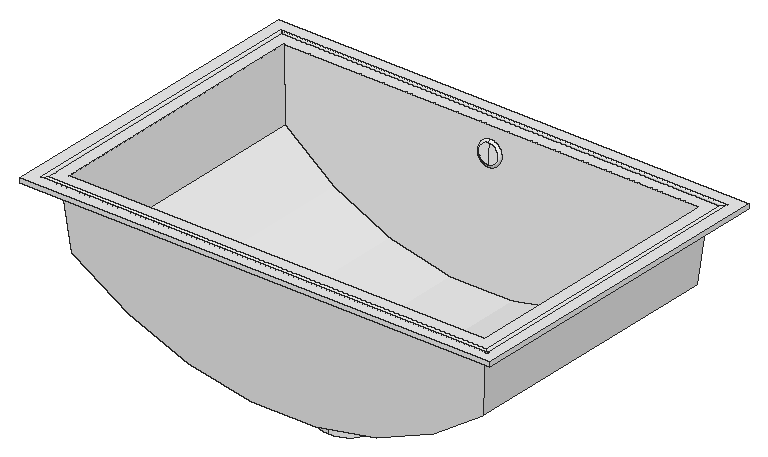
Revit family "Reece_Basin_Posh_Solus_Under Counter", category Plumbing Fixtures, host Face, Revit 2018
Family settings
  Host = Face
  Round Connector Dimension = Use Diameter
  Part Type = Normal
  Cut with Voids When Loaded = No
  Shared = Yes
  Room Calculation Point = Yes
Parameters (values of type "0 Taphole_Fine Fire Clay Ceramic_White")
  WFU = 0  # constant formula
  URL = "https://www.reece.com.au/product/-9508224"
  Type Comments = "Basin"
  Reece_Product_Web Page = "https://www.reece.com.au/product/-9508224"
  Reece_Product_Type = "Basin"  # constant formula
  Reece_Product_Sub Brand = "Solus"  # constant formula
  Reece_Product_Number = "9508224"
  Reece_Product_Mount = "Undermount"
  Reece_Product_Description = "Posh Solus Under Counter Basin 530 x 365mm No Taphole White"  # constant formula
  Reece_Product_Brand = "Posh"  # constant formula
  Reece_Overall_Width = 528 mm  # constant formula
  Reece_Overall_Length = 363 mm  # constant formula
  Reece_Overall_Height = 210 mm  # constant formula
  Reece_Overall_Capacity = 10.50 L  # constant formula
  Reece_Material_Secondary = Reece_Brass_Chrome
  Reece_Material-Main = Reece_Acrylic_White
  Reece_Detail_Installation = "Under Counter"  # constant formula
  Reece_Detail_Disclaimer = "THIS FILE IS THE PROPERTY OF THE REECE GROUP. IT MAY NOT BE REPRODUCED, REVERSE-ENGINEERED OR MODIFIED. ANY REPUBLICATION, TRANSMISSION OR DISTRIBUTION FOR THE PURPOSE OF COMMERCIALLY EXPLOITING THE FILES IS PROHIBITED."  # constant formula
  Reece_Detail_Connector = "No Taphole"  # constant formula
  Reece_Detail_Additional = "Overflow"  # constant formula
  Reece_Countertop_Thickness [instance] = 10 mm
  Reece_Basin_Supply Diameter 1 = 35 mm  # constant formula
  Reece_Basin_Outlet = 40 mm  # constant formula
  Offset_f [instance] = if(Reece_Countertop_Thickness < 10 mm, 10 mm, if(Reece_Countertop_Thickness > 50 mm, 50 mm, Reece_Countertop_Thickness))  # 10 mm
  Model = "Solus"
  Manufacturer = "Posh"
  Keynote = "Product #9508224, Reece_Basin_Posh_Solus_Under Counter - 0 Taphole_Fine Fire Clay Ceramic_White"
  HWFU = 0  # constant formula
  Disclaimer = "THIS FILE IS THE PROPERTY OF THE REECE GROUP. IT MAY NOT BE REPRODUCED, REVERSE-ENGINEERED OR MODIFIED. ANY REPUBLICATION, TRANSMISSION OR DISTRIBUTION FOR THE PURPOSE OF COMMERCIALLY EXPLOITING THE FILES IS PROHIBITED."  # constant formula
  Description = "Posh Solus Under Counter Basin 530 x 365mm No Taphole White"
  Default Elevation = 1000 mm
  CWFU = 0  # constant formula
Types (2, lengths in mm): name | Keynote
  (no name) | "Product #9508224, Reece_Basin_Posh_Solus_Under Counter -  "
  0 Taphole_Fine Fire Clay Ceramic_White | "Product #9508224, Reece_Basin_Posh_Solus_Under Counter - 0 Taphole_Fine Fire Clay Ceramic_White"
Reference planes
  plane 1 "Center (Front/Back)": y = -79.125
  plane 2 "Bottom": z = 0
  plane 3 "Center (Left/Right)": x = 0
  plane 4: y = 102.375
  plane 5: x = 264
  plane 6: x = -264
  plane 7: y = -260.625
  plane 8 "Top of Basin": z = -10
  plane 9: z = -220
  plane 10 "Top of Surface": z = 0
Forms (mm)
  Extrusion 1, void
    sketch origin (0, 0, 0) x (1, 0, 0) y (0, 1, 0)
      loop
        line (-264, 102.375) -> (-264, -260.625) -> (264, -260.625) -> (264, 102.375) -> (-264, 102.375)
    from -10 to -220
  Extrusion 2, void
    sketch origin (0, 0, 0) x (1, 0, 0) y (0, 1, 0)
      loop
        line (-234, 67.375) -> (-234, -225.625)
        arc (-234, -225.625) -> (-232.536, -229.16) -> (-229, -230.625) r 5
        line (-229, -230.625) -> (229, -230.625)
        arc (229, -230.625) -> (232.536, -229.16) -> (234, -225.625) r 5
        line (234, -225.625) -> (234, 67.375)
        arc (234, 67.375) -> (232.536, 70.911) -> (229, 72.375) r 5
        line (229, 72.375) -> (-229, 72.375)
        arc (-229, 72.375) -> (-232.536, 70.911) -> (-234, 67.375) r 5
    from 100 to -10
Text (mm)
  text "Reece Copyright © 2018, Reece Ltd." at (-1108.834, -679.227, 0), in view "Ref. Level"
  text "Reece ©" at (44.384, 258.95, 192.345), in view "Reece Preview"
Dimensions and locks
  equal spacing: plane 6, plane 3 "Center (Left/Right)", plane 5
  "Reece_Overall_Width": plane 6 to plane 5
  "Reece_Overall_Length": plane 4 to plane 7
  equal spacing: plane 4, plane 1 "Center (Front/Back)", plane 7
  "Offset_f": plane 10 "Top of Surface" to plane 8 "Top of Basin"
  "Reece_Overall_Height": plane 8 "Top of Basin" to plane 9
  "Reece_Overall_Width": plane 6 to nested 1
  "Reece_Overall_Length": plane 7 to nested 1
  aligned and locked: host face to plane 2 "Bottom"
  aligned and locked: level to host face
  aligned and locked: plane 10 "Top of Surface" to host face
  aligned and locked: plane 9 to Extrusion 1
  aligned and locked: Extrusion 1 to plane 8 "Top of Basin"
  aligned and locked: plane 8 "Top of Basin" to Extrusion 2
  aligned and locked: plane 5 to Extrusion 1
  aligned and locked: plane 6 to Extrusion 1
Automatic sketch dimensions
  host sketch curve to host sketch curve = 696.216 mm
  host sketch curve to host sketch curve = 618.927 mm
  Extrusion 1 sketch curve to plane 6 = 0 mm
  Extrusion 1 sketch curve to plane 5 = 0 mm
  Extrusion 1 sketch curve to plane 7 = 0 mm
  Extrusion 1 sketch curve to plane 4 = 0 mm
  Extrusion 2 sketch curve to plane 6 = 30 mm
  Extrusion 2 sketch curve to Extrusion 2 sketch curve = 5 mm  (x4)
  Extrusion 2 sketch curve to plane 5 = 35 mm
  Extrusion 2 sketch curve to plane 7 = 30 mm
  Extrusion 2 sketch curve to plane 4 = 35 mm
Nested families
  nested 1: "Reece_Basin_Posh_Solus_Under Counter_Nested" at (0, 0, -10), type "0 Taphole_Fine Fire Clay Ceramic_White"
    with Reece_Material_Secondary Reece_Brass_Chrome, Reece_Material-Main Reece_Acrylic_White, Offset_f 0 mm, Offset 0 mm
Connectors
  piping at (0, -127.625, -220), diameter 40, driven by "Reece_Basin_Outlet"
    settings: on nested 1, index 1, connector inside diameter 609.6 mm, connector length 0 mm, flow factor 0, pipe flow 0.0 L/s, pressure drop 0.0 Pa, fitting loss kfactor 0, connector angle 0.00°, fixture units 0, engagement length 0 mm, angle of deflection 0.00°, flow configuration 0, flow direction 2, fitting loss method 0, system type 16, joint type 0, gender type 0, connector reference index -1, connector utility 0, adjustable connector no, is connector primary yes, connector description ""
Definition of nested family "Reece_Basin_Posh_Solus_Under Counter_Nested"
  Parameters (values of type "0 Taphole_Fine Fire Clay Ceramic_White")
    WFU = 0  # constant formula
    Reece_Product_Web Page = "https://www.reece.com.au/product/-9508224"
    Reece_Product_Type = "Basin"  # constant formula
    Reece_Product_Sub Brand = "Solus"  # constant formula
    Reece_Product_Number = "9508224"
    Reece_Product_Mount = "Under Mount"  # constant formula
    Reece_Product_Description = "Posh Solus Under Counter Basin 530 x 365mm No Taphole White"  # constant formula
    Reece_Product_Brand = "Posh"  # constant formula
    Reece_Overall_Width = 528 mm  # constant formula
    Reece_Overall_Length = 363 mm  # constant formula
    Reece_Overall_Height = 210 mm  # constant formula
    Reece_Overall_Capacity = 10.50 L  # constant formula
    Reece_Material_Secondary [instance] = none
    Reece_Material-Main [instance] = none
    Reece_Detail_Installation = "Under Counter"  # constant formula
    Reece_Detail_Connector = "No Taphole"  # constant formula
    Reece_Detail_Additional = "Overflow"  # constant formula
    Reece_Basin_Supply Diameter 1 = 35 mm  # constant formula
    Reece_Basin_Outlet = 40 mm  # constant formula
    Offset_f [instance] = 0 mm
    Offset [instance] = 0 mm
    HWFU = 0  # constant formula
    Default Elevation = 1000 mm
    CWFU = 0  # constant formula
  Reference planes
    plane 1 "Center (Front/Back)": y = -79.125
    plane 2 "Bottom": z = 0
    plane 3 "Center (Left/Right)": x = 0
    plane 4: y = 102.375
    plane 5: x = 264
    plane 6: x = -264
    plane 7: y = -260.625
    plane 8 "Top of Surface": z = 0
    plane 9: z = -210
  Forms (mm)
    Extrusion 1, solid
      sketch origin (619.2, -619.2, 0) x (1, 0, 0) y (0, 1, 0)
        loop
          line (-961.127, 847.842) -> (-961.127, 228.915) -> (-264.911, 228.915) -> (-264.911, 847.842) -> (-961.127, 847.842)
      from 0 to -300
    Sweep 2, solid, material <- "Reece_Material-Main"
      path origin (0, 0, 0) x (1, 0, 0) y (0, 1, 0)
        loop
          line (-264, 102.375) -> (-264, -260.625) -> (264, -260.625) -> (264, 102.375) -> (-264, 102.375)
      profile origin (-264, -79.125, 0) x (1, 0, 0) y (0, 0, 1)
        loop
          line (0, 0) -> (0, -5) -> (25.454, -5) -> (44.977, -210) -> (50, -210) -> (30, 0) -> (17.5, 0)
          arc (17.5, 0) -> (15, -0.878) -> (12.5, 0) r 4
          line (12.5, 0) -> (0, 0)
    Sweep 3, solid, material <- "Reece_Material-Main"
      path origin (0, -79.125, 20) x (1, 0, 0) y (0, 0, 1)
        loop
          arc (-226.762, -96) -> (0, -180) -> (226.762, -96) r 348.077
      profile origin (0, -79.125, -160) x (0, 0, 1) y (0, -1, 0)
        loop
          line (0, 149.285) -> (-5, 149.285) -> (-5, -149.285) -> (0, -149.285) -> (0, 149.285)
    Extrusion 4, void
      sketch origin (0, 0, 20) x (0, 1, 0) y (0, 0, 1)
        loop
          line (-228.409, -96) -> (-228.409, -255) -> (70.16, -255) -> (70.16, -96) -> (56.922, -235) -> (-215.171, -235) -> (-228.409, -96)
      from -264 to 264
    Extrusion 5, void
      sketch origin (0, -79.125, 20) x (1, 0, 0) y (0, 0, 1)
        loop
          line (-231.549, -98.472) -> (-218.075, -239.955) -> (218.075, -239.955) -> (231.549, -98.472)
          arc (231.549, -98.472) -> (0, -185) -> (-231.549, -98.472) r 353.077
      from -151.402 to 152.15
    Revolve 6, solid, material <- "Reece_Material_Secondary"
      sketch origin (0, -53.5, -160.585) x (0, 1, 0) y (0, 0, 1)
        loop
          line (-96.094, -1.29) -> (-74.125, -1.29) -> (-74.125, 3.022)
          arc (-74.125, 3.022) -> (-80.918, 2.76) -> (-87.689, 2.164) r 137.99
          arc (-87.689, 2.164) -> (-88.196, 1.902) -> (-88.4, 1.369) r 0.8
          line (-88.4, 1.369) -> (-88.4, 0.03) -> (-89.4, 0.03) -> (-89.4, 1.184)
          arc (-89.4, 1.184) -> (-89.68, 1.879) -> (-90.365, 2.183) r 1
          line (-90.365, 2.183) -> (-97.363, 2.428)
          arc (-97.363, 2.428) -> (-98.315, 1.827) -> (-98.105, 0.721) r 1
          line (-98.105, 0.721) -> (-96.094, -1.29)
        axis (-74.125, 3.022) -> (-74.125, -1.29)
      angle from 0 to 360
    Revolve 7, void
      sketch origin (0, 0, 70) x (0, 1, 0) y (0, 0, 1)
        loop
          line (-127.625, -221.186) -> (-152.23, -221.186) -> (-152.23, -230)
          arc (-152.23, -230) -> (-150.533, -231.812) -> (-149.917, -234.216) r 5
          line (-149.917, -234.216) -> (-149.917, -280) -> (-127.625, -280) -> (-127.625, -221.186)
        axis (-127.625, -280) -> (-127.625, -221.186)
      angle from 0 to 360
    Revolve 8, solid, material <- "Reece_Material-Main"
      sketch origin (0, 0, 20) x (0, 1, 0) y (0, 0, 1)
        loop
          line (-127.625, -230) -> (-127.625, -183.006) -> (-157.625, -183.006) -> (-157.625, -230) -> (-127.625, -230)
        axis (-127.625, -230) -> (-127.625, -183.006)
      angle from 0 to 360
    Revolve 9, solid, material <- "Reece_Material_Secondary"
      sketch origin (0, -98.135, 128.274) x (0, 0.95144, -0.307833) y (0, 0.307833, 0.95144)
        loop
          line (211.674, -95.124) -> (209.384, -84.784) -> (204.98, -85.759) -> (204.473, -83.469)
          arc (204.473, -83.469) -> (202.866, -84.189) -> (202.451, -85.901) r 2
          line (202.451, -85.901) -> (204.83, -96.64) -> (211.674, -95.124)
        axis (211.674, -95.124) -> (204.83, -96.64)
      angle from 0 to 360
    Sweep 10, solid, material <- "Reece_Material-Main"
      path origin (0, 0, 0) x (1, 0, 0) y (0, 1, 0)
        loop
          line (20, 102.375) -> (-20, 102.375)
      profile origin (0, 102.375, 0) x (0, -1, 0) y (0, 0, 1)
        loop
          line (0, -5) -> (15.983, -172.82)
          arc (15.983, -172.82) -> (21.929, -185.242) -> (34.498, -190.875) r 20
          line (34.498, -190.875) -> (216.5, -203.602) -> (216.5, -164.433) -> (43.138, -164.433) -> (27.954, -5) -> (0, -5)
    Revolve 11, void
      sketch origin (0, 0, 20) x (0, 1, 0) y (0, 0, 1)
        loop
          line (90.502, -48.935) -> (91.64, -36.989) -> (70.217, -34.949) -> (69.079, -46.895) -> (90.502, -48.935)
        axis (90.502, -48.935) -> (69.079, -46.895)
      angle from 0 to 360
  Cuts and joins
    Extrusion 5, Revolve 11 cuts Sweep 2
    Extrusion 4, Revolve 7, Revolve 11 cuts Sweep 3
    Revolve 7, Revolve 11 cuts Revolve 8
    Revolve 7, Revolve 11 cuts Sweep 10
    joined: Sweep 2, Sweep 3, Revolve 8, Sweep 10
  Text (mm)
    text "Reece Copyright © 2018, Reece Ltd." at (-1108.834, -679.227, 0), in view "Ref. Level"
    text "Reece ©" at (44.384, 258.95, 192.345), in view "Reece Preview"
  Dimensions and locks
    aligned and locked: Extrusion 1 to plane 2 "Bottom"
    aligned and locked: level to Extrusion 1
    aligned and locked: plane 8 "Top of Surface" to Extrusion 1
    aligned and locked: plane 9 to cut or joined group of Sweep 2, Sweep 3, Extrusion 4, Extrusion 5, Revolve 7, Revolve 8, Sweep 10, Revolve 11  (x2)
